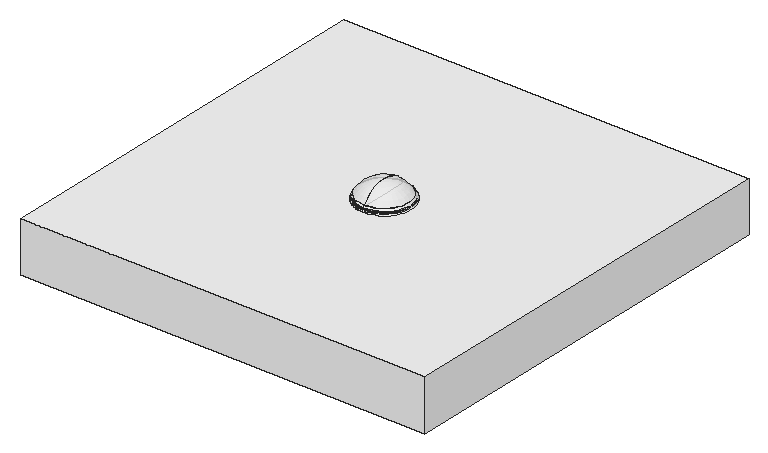
Revit family "Sarlam_Lighting_Bulkhead_Astreo_T1_Diam_330mm_1400_Lm", category Luminaires, Revit 2020
Family settings
  Hôte = Face
  Cote de connecteur circulaire = Utiliser le diamètre
  Type d'élément = Normal
  Couper avec des vides une fois chargée = Non
  Source d'éclairage = Oui
  Partagée = Non
  Point de calcul de pièce = Non
Parameters (values of type "ON/OFF WHITE")
  Zone plafond formes 8à9 [instance] = and(Outer diameter = 328 mm, or(Standard Forme 8), not([Detection area - Wall]), [Detection area - Ceiling])  # no
  Zone murale formes 8à9 [instance] = and(Outer diameter = 328 mm, or(Standard Forme 8), [Detection area - Wall], not([Detection area - Ceiling]))  # no
  With movement sensor = no
  With light sensor = no
  Width = 328 mm
  Voltage type = "AC"
  Type of dimming = "Not dimmable"
  Type of control gear = "LED operating device current-controlled"
  System power W = 15
  Suitable for wall mounting = yes
  Suitable for suspended mounting = no
  Suitable for surface mounting = yes
  Suitable for ceiling mounting = yes
  Suitable for built-in mounting = no
  Radiation angle = "Open beam"
  Protection Class = "II"
  Outer diameter = 328 mm
  Nominal voltage (Un) V MIN = 207
  Nominal voltage (Un) V MAX = 253
  Nominal current mA MIN = 84
  Nominal current mA MAX = 160
  Material housing = Plastique
  Light sharing = "Symmetric"
  Length = 328 mm
  Lamp type = "LED not exchangeable"
  Lamp power at multiwatt = "Other"
  Lamp power W = ""
  Lamp holder = "None"
  Impact strength (IK) = "IK07"
  Height/depth = 107 mm
  General Conditions of Use = "https://export.legrand.com/en/terms-of-use-BIM-objects"
  Effective luminous flux lm = 1400
  Detection area = ""
  URL = "http://www.legrandoc.com/SL532182"
  built-in parameter 1150107 = 3200 (stored number, unit not read)
  Standard Forme 8 = yes
  Wattage = 9.2903 W
  built-in parameter 1150110 = 1 (stored number, unit not read)
  built-in parameter 1150109 = 1 (stored number, unit not read)
  built-in parameter 1114218 = 1 (stored number, unit not read)
  built-in parameter 1150113 = 1 (stored number, unit not read)
  built-in parameter 1150112 = 1 (stored number, unit not read)
  built-in parameter 1150137 = (empty or 0)
  built-in parameter 1150132 = (empty or 0)
  Modèle = "SL-532182"
  built-in parameter 1150105 = 109.82 (stored number, unit not read)
  built-in parameter 1150102 = (empty or 0)
  Dimming Lamp Color Temperature Shift = (empty or 0)
  Lumens = 1380 lm
  Color Filter = 16777215
  Fichier de distribution photométrique = "SL532182.ies"
  built-in parameter 1114217 = 1 (stored number, unit not read)
  built-in parameter 1150139 = (empty or 0)
  Fabricant = "LEGRAND"
  Emettre à partir du diamètre du cercle = 250 mm
  Emit Shape Visible in Rendering = no
  built-in parameter 1150104 = 13.8 (stored number, unit not read)
  built-in parameter 1150106 = 1.0982 (stored number, unit not read)
  built-in parameter 1150115 = 1 (stored number, unit not read)
  built-in parameter 1150114 = 1 (stored number, unit not read)
  Description = "ASTREO 1400LM 4000K  STANDARD ON/OFF WHITE"
  Degree of protection (IP) = "IP44"
  built-in parameter 1150138 = (empty or 0)
  built-in parameter 1150134 = 3
  Colour temperature K MIN = 4000
  Colour temperature K MAX = 4000
  Colour rendering index CRI = "80-89"
  Colour housing = LEGRAND - White
  Built-in width = 328 mm
  Built-in length = 0 mm
  Built-in height/depth = 0 mm
  Built-in diameter = 0 mm
  Tilt Angle = 0.00°
  Detection area - Ceiling [instance] = no
  Detection area - Wall [instance] = no
  Default Elevation = 2500 mm
  Tag [instance] = no
  built-in parameter 1150133 = 10 (stored number, unit not read)
Types (4, lengths in mm): name | With movement sensor | System power W | Detection area | URL | Modèle | Description | Colour housing
  ON/OFF WHITE | no | 15 | "" | "http://www.legrandoc.com/SL532182" | "SL-532182" | "ASTREO 1400LM 4000K  STANDARD ON/OFF WHITE" | LEGRAND - White
  ON/OFF ANTHRACITE | no | 15 | "" | "http://www.legrandoc.com/SL532183" | "SL-532183" | "ASTREO 1400LM 4000K  STANDARD ON/OFF BLACK" | LEGRAND - Anthracite
  With microwave sensor WHITE | yes | 16 | "Detection at 2,5m high Ceiling: Ø 12m max Wall: Ellipse 10*8m" | "http://www.legrandoc.com/SL532187" | "SL-532187" | "ASTREO 1400LM 4000K  STANDARD DETECTION WHITE" | LEGRAND - White
  With microwave sensor ANTHRACITE | yes | 16 | "Detection at 2,5m high Ceiling: Ø 12m max Wall: Ellipse 10*8m" | "http://www.legrandoc.com/SL532188" | "SL-532188" | "ASTREO 1400LM 4000K  STANDARD DETECTION BLACK" | LEGRAND - Anthracite
Reference planes
  plane 1 "Centre (avant/arrière)": y = 0
  plane 2: z = 0
  plane 3 "Centre (gauche/droite)": x = 0
  plane 4: z = 127
Forms (mm)
  Extrusion 1, solid, material "Blanc"
    sketch origin (0, 0, 0) x (1, 0, 0) y (0, 1, 0)
      loop
        line (-1219.2, 1219.2) -> (-1219.2, -1219.2) -> (1219.2, -1219.2) -> (1219.2, 1219.2) -> (-1219.2, 1219.2)
    from 0 to -304.8
Lines and regions (mm)
  model lines, not visible
    curve 1: line (0, 0, 0) -> (0, 0, 2230)
    curve 2: line (0, 0, 0) -> (0, 3300, 0)
    curve 3: line (0, 0, 0) -> (-2620, 0, 0)
Dimensions and locks
  level to plane 4 = 127 mm
  aligned and locked: plane 2 to Extrusion 1
  aligned and locked: level to Extrusion 1
  aligned and locked: imposter light to plane 4
  aligned and locked: plane 3 "Centre (gauche/droite)" to imposter light
Nested families
  nested 1: "Zone de détection murale Chartres-Astreo" at (0, 0, 0) x (0, 0, 1) z (0, -1, 0), visible <- "Detection area - Wall", type "Zone de détection murale"
  nested 2: "Formes 1-2-3-4-6-7-8-9" at (0, 0, 0), type "Formes"
    with Standard Forme 8 yes
  nested 3: "Zone de détection plafond Chartres-Astreo" at (0, 0, 2500), visible <- "Detection area - Ceiling", type "Zone de détection plafond"
    with Zone plafond Formes 8à9 no
  nested 4: "Zone de détection murale Chartres-Astreo" at (0, 0, 0) x (0, 0, 1) z (1, 0, 0), visible <- "Detection area - Wall", type "Zone de détection murale"
  nested 5: "Etiquette de zone" at (0, 424.442, 0), visible <- "Tag", type "Etiquette de zone"
Connectors
  electrical at (0, 0, 0)
    settings: on nested 2, index 1, voltage 230 V, apparent load 0 VA, apparent load phase1 0 VA, apparent load phase2 0 VA, apparent load phase3 0 VA, power factor 1, load classification "Eclairage", number of poles 1, system type 30, power factor state 1, is connector primary yes, connector utility no, sub classification motor no, connector description ""
Definition of nested family "Formes 1-2-3-4-6-7-8-9"
  Parameters (values of type "Formes")
    Standard Forme 8 = no
    Standard Formes 1-3-6 = no
    Matériau hublot = none
    Matériau corps = none
    Fl = if(Diamètre total < 325 mm, 70 mm, if(Diamètre total = 328 mm, 107 mm, 90 mm))  # 107 mm
    Default Elevation = 0 mm
    Dimension hublot = if(Diamètre total = 300 mm, 121.1 mm, if(Diamètre total = 322 mm, 129.3 mm, if(Diamètre total = 328 mm, 148.6 mm, if(Diamètre total = 420 mm, 179.2 mm, 185.3 mm))))  # 148.6 mm
    Diamètre total = 328 mm
    Courbure = if(Diamètre total = 300 mm, 195.7 mm, if(Diamètre total = 322 mm, 220.2 mm, if(Diamètre total = 328 mm, 179.2 mm, if(Diamètre total = 420 mm, 290 mm, 307.8 mm))))  # 179.2 mm
    Couleur corps = none
    Antivandale Forme 9 = no
    Antivandale Formes 2-4-7 = no
  Reference planes
    plane 1 "Centre (avant/arrière)": y = 0
    plane 2: z = 0
    plane 3 "Centre (gauche/droite)": x = 0
    plane 4: y = 164
    plane 5: y = -164
    plane 6: y = 148.6
  Forms (mm)
    Revolve 1, solid, material <- "Matériau hublot"
      sketch origin (0, 0, 0) x (0, 0, -1) y (0, 1, 0)
        loop
          arc (-28, 148.6) -> (-86.03, 84.151) -> (-107, 0) r 179.2
          line (-107, 0) -> (-28, 0) -> (-28, 148.6)
        axis (-28, 0) -> (-107, 0)
      angle from 0 to 360
  Dimensions and locks
    equal spacing: plane 4, plane 1 "Centre (avant/arrière)", plane 5
    "Diamètre total": plane 4 to plane 5
    equal spacing: plane 5, plane 1 "Centre (avant/arrière)", plane 4
    "Dimension hublot": plane 1 "Centre (avant/arrière)" to plane 6
    "Fl": Revolve 1 sketch curve to plane 2
    "Courbure": radius of Revolve 1 sketch curve
    aligned and locked: level to plane 2
    aligned and locked: plane 6 to Revolve 1 sketch curve
    aligned and locked: plane 2 to nested 2
  Automatic sketch dimensions
    Revolve 1 sketch curve to plane 1 "Centre (avant/arrière)" = 0 mm  (x2)
    level to Revolve 1 sketch curve = 28 mm
    Revolve 1 sketch curve to Revolve 1 sketch curve = 1811.469 mm
    Revolve 1 sketch curve to Revolve 1 sketch curve = 1147.22 mm
  Nested families
    nested 1: "Corps standard Formes 1-3-6" at (0, 0, 0), visible <- "Standard Formes 1-3-6", type "Corps standard Formes 1-3-6"
      with Diamètre 328 mm
    nested 2: "Corps antivandale Formes 2-4-7" at (0, 0, 0), visible <- "Antivandale Formes 2-4-7", type "Corps antivandale Formes 2-4-7"
      with Diamètre 328 mm
    nested 3: "Corps standard Forme 8" at (0, 0, 0), visible <- "Standard Forme 8", type "Corps standard Forme 8"
    nested 4: "Corps antivandale Forme 9" at (0, 0, 0), visible <- "Antivandale Forme 9", type "Corps antivandale Forme 9"
  Definition of nested family "Corps standard Formes 1-3-6"
    Parameters (values of type "Corps standard")
      Matériau corps = none
      Default Elevation = 0 mm
      Couleur corps = none
      Diamètre = 322 mm
      Courbure = if(Diamètre < 400 mm, 195.7 mm, 290 mm)  # 195.7 mm
    Reference planes
      plane 1 "Centre (avant/arrière)": y = 0
      plane 2: z = 0
      plane 3 "Centre (gauche/droite)": x = 0
      plane 4: y = 161
      plane 5: y = -161
      plane 6: z = 28
    Forms (mm)
      Revolve 1, solid, material <- "Couleur corps"
        sketch origin (0, 0, 0) x (0, 0, -1) y (0, 1, 0)
          loop
            line (0, 0) -> (0, 161)
            arc (0, 161) -> (-14.55, 149.906) -> (-28, 137.502) r 195.7
            line (-28, 137.502) -> (-28, 0) -> (0, 0)
          axis (0, 0) -> (-28, 0)
        angle from 0 to 360
    Dimensions and locks
      equal spacing: plane 4, plane 1 "Centre (avant/arrière)", plane 5
      "Diamètre": plane 4 to plane 5
      equal spacing: plane 5, plane 1 "Centre (avant/arrière)", plane 4
      "Courbure": radius of Revolve 1 sketch curve
      aligned and locked: level to plane 2
      aligned and locked: plane 2 to Revolve 1  (x2)
      aligned and locked: Revolve 1 to plane 2
      aligned and locked: plane 6 to Revolve 1
    Automatic sketch dimensions
      Revolve 1 sketch curve to plane 1 "Centre (avant/arrière)" = 0 mm  (x3)
      Revolve 1 sketch curve to plane 6 = 0 mm
      Revolve 1 sketch curve to level = 0 mm
      Revolve 1 sketch curve to plane 4 = 0 mm
      plane 6 to Revolve 1 sketch curve = 1833.51 mm
      Revolve 1 sketch curve to Revolve 1 sketch curve = 1167.217 mm
  Definition of nested family "Corps antivandale Formes 2-4-7"
    Parameters (values of type "Corps antivandale")
      Rayon réseau vis = if(Diamètre < 400 mm, 137.2 mm, 193.2 mm)  # 137.2 mm
      Matériau corps = none
      Default Elevation = 0 mm
      Diamètre = 322 mm
      Courbure = if(Diamètre < 400 mm, 220.2 mm, 307.8 mm)  # 220.2 mm
      Couleur corps = none
    Reference planes
      plane 1 "Centre (avant/arrière)": y = 0
      plane 2: z = 0
      plane 3 "Centre (gauche/droite)": x = 0
      plane 4: y = 161
      plane 5: y = -161
      plane 6: z = 28
      plane 7: through (0, 0, 1200) normal (0.5, 0.866, 0)
      plane 8: through (0, 0, 1200) normal (0.5, -0.866, 0)
    Forms (mm)
      Revolve 1, solid, material <- "Couleur corps"
        sketch origin (0, 0, 0) x (0, 0, -1) y (0, 1, 0)
          loop
            line (0, 0) -> (0, 161)
            arc (0, 161) -> (-14.762, 145.835) -> (-28, 129.323) r 220.2
            line (-28, 129.323) -> (-28, 0) -> (0, 0)
          axis (0, 0) -> (-28, 0)
        angle from 0 to 360
      Extrusion 2, solid, material <- "Couleur corps"
        sketch origin (0, -0.04, 0) x (1, 0, 0) y (0, 1, 0)
          loop
            line (-4, 129.32) -> (-4, 137.3)
            arc (-4, 137.3) -> (0, 141.3) -> (4, 137.3) r 4
            line (4, 137.3) -> (4, 129.32)
            arc (4, 129.32) -> (5, 129.285) -> (6, 129.243) r 129.323
            line (6, 129.243) -> (6, 137.3)
            arc (6, 137.3) -> (0, 143.3) -> (-6, 137.3) r 6
            line (-6, 137.3) -> (-6, 129.243)
            arc (-6, 129.243) -> (-5, 129.285) -> (-4, 129.32) r 129.323
        from 15.189 to 28
      Extrusion 3, solid, material <- "Couleur corps"
        sketch origin (-0.035, 0.02, 0) x (-0.5, -0.866025, 0) y (0.866025, -0.5, 0)
          loop
            line (-4, 129.32) -> (-4, 137.3)
            arc (-4, 137.3) -> (0, 141.3) -> (4, 137.3) r 4
            line (4, 137.3) -> (4, 129.32)
            arc (4, 129.32) -> (5, 129.285) -> (6, 129.243) r 129.323
            line (6, 129.243) -> (6, 137.3)
            arc (6, 137.3) -> (0, 143.3) -> (-6, 137.3) r 6
            line (-6, 137.3) -> (-6, 129.243)
            arc (-6, 129.243) -> (-5, 129.285) -> (-4, 129.32) r 129.323
        from 15.189 to 28
      Extrusion 4, solid, material <- "Couleur corps"
        sketch origin (0.035, 0.02, 0) x (-0.5, 0.866025, 0) y (-0.866025, -0.5, 0)
          loop
            line (-4, 129.32) -> (-4, 137.3)
            arc (-4, 137.3) -> (0, 141.3) -> (4, 137.3) r 4
            line (4, 137.3) -> (4, 129.32)
            arc (4, 129.32) -> (5, 129.285) -> (6, 129.243) r 129.323
            line (6, 129.243) -> (6, 137.3)
            arc (6, 137.3) -> (0, 143.3) -> (-6, 137.3) r 6
            line (-6, 137.3) -> (-6, 129.243)
            arc (-6, 129.243) -> (-5, 129.285) -> (-4, 129.32) r 129.323
        from 15.189 to 28
      Revolve 5, solid
        sketch origin (0, 0.018, -12.656) x (0, 1, 0) y (0, 0, 1)
          loop
            line (136.525, 38.942) -> (136.525, 29.094) -> (136.962, 29.907) -> (137.751, 35.518) -> (140.148, 38.942) -> (136.525, 38.942)
          axis (136.525, 29.094) -> (136.525, 38.942)
        angle from 0 to 360
      Revolve 6, solid
        sketch origin (0.016, -0.009, -12.656) x (0.866025, -0.5, 0) y (0, 0, 1)
          loop
            line (136.525, 38.942) -> (136.525, 29.094) -> (136.962, 29.907) -> (137.751, 35.518) -> (140.148, 38.942) -> (136.525, 38.942)
          axis (136.525, 29.094) -> (136.525, 38.942)
        angle from 0 to 360
      Revolve 7, solid
        sketch origin (-0.016, -0.009, -12.656) x (-0.866025, -0.5, 0) y (0, 0, 1)
          loop
            line (136.525, 38.942) -> (136.525, 29.094) -> (136.962, 29.907) -> (137.751, 35.518) -> (140.148, 38.942) -> (136.525, 38.942)
          axis (136.525, 29.094) -> (136.525, 38.942)
        angle from 0 to 360
    Cuts and joins
      joined: Revolve 1, Extrusion 2
    Lines and regions (mm)
      model lines
        curve 1: line (-2.5, 136.543, 26.285) -> (2.5, 136.543, 26.285)
        curve 2: line (0, 138.995, 26.285) -> (0, 133.995, 26.285)
        curve 3: line (119.5, -66.107, 26.285) -> (117, -70.437, 26.285)
        curve 4: line (120.373, -69.497, 26.285) -> (116.043, -66.997, 26.285)
        curve 5: line (-117, -70.437, 26.285) -> (-119.5, -66.107, 26.285)
        curve 6: line (-120.373, -69.497, 26.285) -> (-116.043, -66.997, 26.285)
    Dimensions and locks
      equal spacing: plane 4, plane 1 "Centre (avant/arrière)", plane 5
      "Diamètre": plane 4 to plane 5
      equal spacing: plane 5, plane 1 "Centre (avant/arrière)", plane 4
      "Courbure": radius of Revolve 1 sketch curve
      "Rayon réseau vis": radius of radial array
      aligned and locked: level to plane 2
      aligned and locked: plane 2 to Revolve 1  (x2)
      aligned and locked: Revolve 1 to plane 2
      aligned and locked: plane 6 to Revolve 1
    Automatic sketch dimensions
      Extrusion 2 sketch curve to Extrusion 2 sketch curve = 0 mm  (x9)
      Extrusion 2 sketch curve to Extrusion 2 sketch curve = 7.98 mm
      Extrusion 2 sketch curve to Extrusion 2 sketch curve = 0.077 mm
      Extrusion 2 sketch curve to Extrusion 2 sketch curve = 2 mm
      Extrusion 2 sketch curve to Extrusion 2 sketch curve = 4 mm
      Extrusion 2 sketch curve to Extrusion 2 sketch curve = 6 mm
      Extrusion 3 sketch curve to Extrusion 3 sketch curve = 0 mm  (x9)
      Extrusion 3 sketch curve to Extrusion 3 sketch curve = 7.98 mm
      Extrusion 3 sketch curve to Extrusion 3 sketch curve = 0.077 mm
      Extrusion 3 sketch curve to Extrusion 3 sketch curve = 2 mm
      Extrusion 3 sketch curve to Extrusion 3 sketch curve = 4 mm
      Extrusion 3 sketch curve to Extrusion 3 sketch curve = 6 mm
      Extrusion 4 sketch curve to Extrusion 4 sketch curve = 0 mm  (x9)
      Extrusion 4 sketch curve to Extrusion 4 sketch curve = 7.98 mm
      Extrusion 4 sketch curve to Extrusion 4 sketch curve = 0.077 mm
      Extrusion 4 sketch curve to Extrusion 4 sketch curve = 2 mm
      Extrusion 4 sketch curve to Extrusion 4 sketch curve = 4 mm
      Extrusion 4 sketch curve to Extrusion 4 sketch curve = 6 mm
      Revolve 7 sketch curve to Revolve 7 sketch curve = 0.437 mm  (x2)
      Revolve 7 sketch curve to Revolve 7 sketch curve = 1.226 mm  (x2)
      Revolve 7 sketch curve to Revolve 7 sketch curve = 2.397 mm
      Revolve 7 sketch curve to Revolve 7 sketch curve = 0.813 mm  (x2)
      Revolve 7 sketch curve to Revolve 7 sketch curve = 5.611 mm  (x2)
      Revolve 7 sketch curve to Revolve 7 sketch curve = 3.424 mm  (x2)
      Revolve 7 sketch curve to Revolve 7 sketch curve = 0 mm  (x2)
      Revolve 7 sketch curve to Revolve 7 sketch curve = 0.975 mm
      Revolve 7 sketch curve to Revolve 7 sketch curve = 3.281 mm  (x2)
      Revolve 5 sketch curve to Revolve 5 sketch curve = 0.437 mm  (x2)
      Revolve 5 sketch curve to Revolve 5 sketch curve = 1.226 mm  (x2)
      Revolve 5 sketch curve to Revolve 5 sketch curve = 3.623 mm
      Revolve 5 sketch curve to Revolve 5 sketch curve = 5.611 mm  (x2)
      Revolve 5 sketch curve to Revolve 5 sketch curve = 3.424 mm  (x2)
      Revolve 5 sketch curve to Revolve 5 sketch curve = 0 mm  (x2)
      Revolve 5 sketch curve to Revolve 5 sketch curve = 0.813 mm  (x2)
      Revolve 5 sketch curve to Revolve 5 sketch curve = 0.162 mm
      Revolve 5 sketch curve to Revolve 5 sketch curve = 3.281 mm  (x2)
      Revolve 6 sketch curve to Revolve 6 sketch curve = 0.437 mm  (x2)
      Revolve 6 sketch curve to Revolve 6 sketch curve = 1.226 mm  (x2)
      Revolve 6 sketch curve to Revolve 6 sketch curve = 3.623 mm
      Revolve 6 sketch curve to Revolve 6 sketch curve = 5.611 mm  (x2)
      Revolve 6 sketch curve to Revolve 6 sketch curve = 3.424 mm  (x2)
      Revolve 6 sketch curve to Revolve 6 sketch curve = 0 mm  (x2)
      Revolve 6 sketch curve to Revolve 6 sketch curve = 0.813 mm  (x2)
      Revolve 6 sketch curve to Revolve 6 sketch curve = 0.162 mm
      Revolve 6 sketch curve to Revolve 6 sketch curve = 3.281 mm  (x2)
      Revolve 7 sketch curve to Revolve 7 sketch curve = 3.623 mm
      Revolve 7 sketch curve to Revolve 7 sketch curve = 0.162 mm
      curve 2 to Revolve 5 = 0 mm
      curve 2 to curve 1 = 2.548 mm
      curve 1 to curve 2 = 2.452 mm
      Revolve 5 to curve 1 = 2.5 mm
      curve 1 to Revolve 5 = 2.5 mm
      curve 4 to Revolve 6 = 0 mm
      curve 4 to curve 3 = 2.548 mm
      curve 3 to curve 4 = 2.452 mm
      Revolve 6 to curve 3 = 2.5 mm
      curve 3 to Revolve 6 = 2.5 mm
      curve 6 to Revolve 7 = 0 mm
      curve 6 to curve 5 = 2.548 mm
      curve 5 to curve 6 = 2.452 mm
      Revolve 7 to curve 5 = 2.5 mm
      curve 5 to Revolve 7 = 2.5 mm
      Revolve 5 sketch curve to Revolve 5 sketch curve = 2.397 mm
      Revolve 5 sketch curve to Revolve 5 sketch curve = 0.975 mm
      Revolve 6 sketch curve to Revolve 6 sketch curve = 2.397 mm
      Revolve 6 sketch curve to Revolve 6 sketch curve = 0.975 mm
      Revolve 1 sketch curve to plane 1 "Centre (avant/arrière)" = 0 mm  (x3)
      Revolve 1 sketch curve to plane 6 = 0 mm
      Revolve 1 sketch curve to level = 0 mm
      Revolve 1 sketch curve to plane 4 = 0 mm
      plane 6 to Revolve 1 sketch curve = 1833.51 mm
      Revolve 1 sketch curve to Revolve 1 sketch curve = 1128.321 mm
  Definition of nested family "Corps standard Forme 8"
    Parameters (values of type "Corps standard Forme 8")
      Matériau corps = none
      Default Elevation = 0 mm
      Couleur corps = none
      Diamètre = 328 mm
    Reference planes
      plane 1 "Centre (avant/arrière)": y = 0
      plane 2: z = 0
      plane 3 "Centre (gauche/droite)": x = 0
      plane 4: y = 164
      plane 5: y = -164
      plane 6: z = 28
      plane 7: y = 7.5
      plane 8: y = -7.5
    Forms (mm)
      Revolve 1, solid, material <- "Couleur corps"
        sketch origin (0, 0, 0) x (0, 0, -1) y (0, 1, 0)
          loop
            line (0, 0) -> (0, 164)
            arc (0, 164) -> (-14.345, 156.905) -> (-28, 148.559) r 179.182
            line (-28, 148.559) -> (-28, 0) -> (0, 0)
          axis (0, 0) -> (-28, 0)
        angle from 0 to 360
      Sweep 2, void
        path origin (0, 0, 0) x (1, 0, 0) y (0, 1, 0)
          loop
            arc (153.049, 7.5) -> (0, 153.232) -> (-153.049, 7.5) r 153.232
        profile origin (0, 153.232, 0) x (0, -1, 0) y (0, 0, 1)
          loop
            line (-5.469, 6.213) -> (-10.469, 16.465) -> (-10.469, 6.213) -> (-5.469, 6.213)
      Sweep 3, void
        path origin (0, 0, 0) x (1, 0, 0) y (0, 1, 0)
          loop
            arc (153.049, 7.5) -> (0, 153.232) -> (-153.049, 7.5) r 153.232
        profile origin (0, 153.232, 0) x (0, -1, 0) y (0, 0, 1)
          loop
            line (-1.643, 13.471) -> (-6.643, 23.723) -> (-6.643, 13.471) -> (-1.643, 13.471)
      Sweep 4, void
        path origin (0, 0, 0) x (1, 0, 0) y (0, -1, 0)
          loop
            arc (153.049, 7.5) -> (0, 153.232) -> (-153.049, 7.5) r 153.232
        profile origin (0, -153.232, 0) x (0, -1, 0) y (0, 0, 1)
          loop
            line (1.643, 13.471) -> (6.643, 13.471) -> (6.643, 23.723) -> (1.643, 13.471)
      Sweep 5, void
        path origin (0, 0, 0) x (1, 0, 0) y (0, -1, 0)
          loop
            arc (153.049, 7.5) -> (0, 153.232) -> (-153.049, 7.5) r 153.232
        profile origin (0, -153.232, 0) x (0, -1, 0) y (0, 0, 1)
          loop
            line (5.469, 6.213) -> (10.469, 6.213) -> (10.469, 16.465) -> (5.469, 6.213)
    Cuts and joins
      Sweep 2, Sweep 3, Sweep 4, Sweep 5 cuts Revolve 1
    Dimensions and locks
      equal spacing: plane 4, plane 1 "Centre (avant/arrière)", plane 5
      "Diamètre": plane 4 to plane 5
      equal spacing: plane 5, plane 1 "Centre (avant/arrière)", plane 4
      aligned and locked: level to plane 2
      aligned and locked: plane 2 to Revolve 1  (x2)
      aligned and locked: Revolve 1 to plane 2
      aligned and locked: plane 6 to Revolve 1
    Automatic sketch dimensions
      Sweep 2 sketch curve to plane 7 = 0 mm  (x2)
      plane 1 "Centre (avant/arrière)" to Sweep 2 sketch curve = 0 mm
      Sweep 2 sketch curve to plane 3 "Centre (gauche/droite)" = 0 mm
      Sweep 2 sketch curve to plane 3 "Centre (gauche/droite)" = 153.049 mm
      Sweep 3 sketch curve to plane 7 = 0 mm  (x2)
      plane 1 "Centre (avant/arrière)" to Sweep 3 sketch curve = 0 mm
      Sweep 3 sketch curve to plane 3 "Centre (gauche/droite)" = 0 mm
      Sweep 3 sketch curve to plane 3 "Centre (gauche/droite)" = 153.049 mm
      Sweep 4 sketch curve to plane 8 = 0 mm  (x2)
      plane 1 "Centre (avant/arrière)" to Sweep 4 sketch curve = 0 mm
      Sweep 4 sketch curve to plane 3 "Centre (gauche/droite)" = 0 mm
      plane 3 "Centre (gauche/droite)" to Sweep 4 sketch curve = 153.049 mm
      Sweep 5 sketch curve to plane 8 = 0 mm  (x2)
      plane 1 "Centre (avant/arrière)" to Sweep 5 sketch curve = 0 mm
      Sweep 5 sketch curve to plane 3 "Centre (gauche/droite)" = 0 mm
      plane 3 "Centre (gauche/droite)" to Sweep 5 sketch curve = 153.049 mm
      Revolve 1 sketch curve to plane 1 "Centre (avant/arrière)" = 0 mm  (x3)
      Revolve 1 sketch curve to plane 6 = 0 mm
      Revolve 1 sketch curve to level = 0 mm
      Revolve 1 sketch curve to plane 4 = 0 mm
      Revolve 1 sketch curve to Revolve 1 sketch curve = 72.182 mm
      plane 6 to Revolve 1 sketch curve = 1833.51 mm
      Revolve 1 sketch curve to Revolve 1 sketch curve = 1201.817 mm
      profile plane to Sweep 2 sketch curve = 10.469 mm
      Sweep 2 sketch curve to Sweep 2 sketch curve = 5 mm
      level to Sweep 2 sketch curve = 6.213 mm
      Sweep 2 sketch curve to Sweep 2 sketch curve = 10.252 mm
      profile plane to Sweep 3 sketch curve = 6.643 mm
      profile plane to Sweep 3 sketch curve = 1.643 mm
      level to Sweep 3 sketch curve = 13.471 mm
      Sweep 3 sketch curve to Sweep 3 sketch curve = 10.252 mm
      Sweep 4 sketch curve to profile plane = 1.643 mm
      Sweep 4 sketch curve to profile plane = 6.643 mm
      level to Sweep 4 sketch curve = 13.471 mm
      Sweep 4 sketch curve to Sweep 4 sketch curve = 10.252 mm
      Sweep 5 sketch curve to profile plane = 5.469 mm
      Sweep 5 sketch curve to profile plane = 10.469 mm
      level to Sweep 5 sketch curve = 6.213 mm
      Sweep 5 sketch curve to Sweep 5 sketch curve = 10.252 mm
  Definition of nested family "Corps antivandale Forme 9"
    Parameters (values of type "Corps antivandale Forme 9")
      Matériau corps = none
      Default Elevation = 0 mm
      Couleur corps = none
      Diamètre = 328 mm
    Reference planes
      plane 1 "Centre (avant/arrière)": y = 0
      plane 2: z = 0
      plane 3 "Centre (gauche/droite)": x = 0
      plane 4: y = 164
      plane 5: y = -164
      plane 6: z = 28
      plane 7: y = 7.5
      plane 8: y = -7.5
    Forms (mm)
      Revolve 1, solid, material <- "Couleur corps"
        sketch origin (0, 0, 0) x (0, 0, -1) y (0, 1, 0)
          loop
            line (0, 0) -> (0, 164)
            arc (0, 164) -> (-14.345, 156.905) -> (-28, 148.559) r 179.182
            line (-28, 148.559) -> (-28, 0) -> (0, 0)
          axis (0, 0) -> (-28, 0)
        angle from 0 to 360
      Extrusion 2, void
        sketch origin (-1.406, 0, 0) x (1, 0, 0) y (0, 1, 0)
          loop
            circle (157.486, 0) r 5
        from 5.665 to 28
      Sweep 3, void
        path origin (0, 0, 0) x (1, 0, 0) y (0, 1, 0)
          loop
            arc (153.049, 7.5) -> (0, 153.232) -> (-153.049, 7.5) r 153.232
        profile origin (0, 153.232, 0) x (0, -1, 0) y (0, 0, 1)
          loop
            line (-5.469, 6.213) -> (-10.469, 16.465) -> (-10.469, 6.213) -> (-5.469, 6.213)
      Extrusion 4, void
        sketch origin (1.406, 0, 0) x (-1, 0, 0) y (0, -1, 0)
          loop
            circle (157.486, 0) r 5
        from 5.665 to 28
      Sweep 5, void
        path origin (0, 0, 0) x (1, 0, 0) y (0, 1, 0)
          loop
            arc (153.049, 7.5) -> (0, 153.232) -> (-153.049, 7.5) r 153.232
        profile origin (0, 153.232, 0) x (0, -1, 0) y (0, 0, 1)
          loop
            line (-1.643, 13.471) -> (-6.643, 23.723) -> (-6.643, 13.471) -> (-1.643, 13.471)
      Sweep 6, void
        path origin (0, 0, 0) x (1, 0, 0) y (0, -1, 0)
          loop
            arc (153.049, 7.5) -> (0, 153.232) -> (-153.049, 7.5) r 153.232
        profile origin (0, -153.232, 0) x (0, -1, 0) y (0, 0, 1)
          loop
            line (1.643, 13.471) -> (6.643, 13.471) -> (6.643, 23.723) -> (1.643, 13.471)
      Sweep 7, void
        path origin (0, 0, 0) x (1, 0, 0) y (0, -1, 0)
          loop
            arc (153.049, 7.5) -> (0, 153.232) -> (-153.049, 7.5) r 153.232
        profile origin (0, -153.232, 0) x (0, -1, 0) y (0, 0, 1)
          loop
            line (5.469, 6.213) -> (10.469, 6.213) -> (10.469, 16.465) -> (5.469, 6.213)
      Revolve 8, solid
        sketch origin (-156.149, -136.533, -30.469) x (0, 1, 0) y (0, 0, 1)
          loop
            line (136.525, 38.942) -> (136.525, 31.651) -> (137.319, 32.445) -> (137.923, 36.741) -> (139.106, 38.942) -> (136.525, 38.942)
          axis (136.525, 31.651) -> (136.525, 38.942)
        angle from 0 to 360
      Revolve 9, solid
        sketch origin (156.149, -136.533, -30.469) x (0, 1, 0) y (0, 0, -1)
          loop
            line (136.525, -38.942) -> (139.106, -38.942) -> (137.923, -36.741) -> (137.319, -32.445) -> (136.525, -31.651) -> (136.525, -38.942)
          axis (136.525, -31.651) -> (136.525, -38.942)
        angle from 0 to 360
    Cuts and joins
      Extrusion 2, Sweep 3, Extrusion 4, Sweep 5, Sweep 6, Sweep 7 cuts Revolve 1
    Lines and regions (mm)
      model lines
        curve 1: line (-156.149, 1.39, 8.473) -> (-156.149, -1.406, 8.473)
        curve 2: line (-157.503, 0, 8.473) -> (-154.615, 0, 8.473)
        curve 3: line (156.149, 1.39, 8.473) -> (156.149, -1.406, 8.473)
        curve 4: line (157.503, 0, 8.473) -> (154.615, 0, 8.473)
    Dimensions and locks
      equal spacing: plane 4, plane 1 "Centre (avant/arrière)", plane 5
      "Diamètre": plane 4 to plane 5
      equal spacing: plane 5, plane 1 "Centre (avant/arrière)", plane 4
      aligned and locked: level to plane 2
      aligned and locked: plane 2 to Revolve 1  (x2)
      aligned and locked: Revolve 1 to plane 2
      aligned and locked: plane 6 to Revolve 1
    Automatic sketch dimensions
      plane 1 "Centre (avant/arrière)" to Extrusion 2 sketch curve = 0 mm
      plane 3 "Centre (gauche/droite)" to Extrusion 2 sketch curve = 156.08 mm
      Sweep 3 sketch curve to plane 7 = 0 mm  (x2)
      plane 1 "Centre (avant/arrière)" to Sweep 3 sketch curve = 0 mm
      Sweep 3 sketch curve to plane 3 "Centre (gauche/droite)" = 0 mm
      Sweep 3 sketch curve to plane 3 "Centre (gauche/droite)" = 153.049 mm
      plane 1 "Centre (avant/arrière)" to Extrusion 4 sketch curve = 0 mm
      plane 3 "Centre (gauche/droite)" to Extrusion 4 sketch curve = 156.08 mm
      Sweep 5 sketch curve to plane 7 = 0 mm  (x2)
      plane 1 "Centre (avant/arrière)" to Sweep 5 sketch curve = 0 mm
      Sweep 5 sketch curve to plane 3 "Centre (gauche/droite)" = 0 mm
      Sweep 5 sketch curve to plane 3 "Centre (gauche/droite)" = 153.049 mm
      Sweep 6 sketch curve to plane 8 = 0 mm  (x2)
      plane 1 "Centre (avant/arrière)" to Sweep 6 sketch curve = 0 mm
      Sweep 6 sketch curve to plane 3 "Centre (gauche/droite)" = 0 mm
      plane 3 "Centre (gauche/droite)" to Sweep 6 sketch curve = 153.049 mm
      Sweep 7 sketch curve to plane 8 = 0 mm  (x2)
      plane 1 "Centre (avant/arrière)" to Sweep 7 sketch curve = 0 mm
      Sweep 7 sketch curve to plane 3 "Centre (gauche/droite)" = 0 mm
      plane 3 "Centre (gauche/droite)" to Sweep 7 sketch curve = 153.049 mm
      Revolve 1 sketch curve to plane 1 "Centre (avant/arrière)" = 0 mm  (x3)
      Revolve 1 sketch curve to plane 6 = 0 mm
      Revolve 1 sketch curve to level = 0 mm
      Revolve 1 sketch curve to plane 4 = 0 mm
      Revolve 1 sketch curve to Revolve 1 sketch curve = 72.182 mm
      plane 6 to Revolve 1 sketch curve = 1833.51 mm
      Revolve 1 sketch curve to Revolve 1 sketch curve = 1201.817 mm
      profile plane to Sweep 3 sketch curve = 10.469 mm
      Sweep 3 sketch curve to Sweep 3 sketch curve = 5 mm
      level to Sweep 3 sketch curve = 6.213 mm
      Sweep 3 sketch curve to Sweep 3 sketch curve = 10.252 mm
      profile plane to Sweep 5 sketch curve = 6.643 mm
      profile plane to Sweep 5 sketch curve = 1.643 mm
      level to Sweep 5 sketch curve = 13.471 mm
      Sweep 5 sketch curve to Sweep 5 sketch curve = 10.252 mm
      Sweep 6 sketch curve to profile plane = 1.643 mm
      Sweep 6 sketch curve to profile plane = 6.643 mm
      level to Sweep 6 sketch curve = 13.471 mm
      Sweep 6 sketch curve to Sweep 6 sketch curve = 10.252 mm
      Sweep 7 sketch curve to profile plane = 5.469 mm
      Sweep 7 sketch curve to profile plane = 10.469 mm
      level to Sweep 7 sketch curve = 6.213 mm
      Sweep 7 sketch curve to Sweep 7 sketch curve = 10.252 mm
      plane 1 "Centre (avant/arrière)" to Revolve 8 sketch curve = 0.008 mm  (x2)
      Revolve 8 sketch curve to plane 1 "Centre (avant/arrière)" = 0.786 mm
      Revolve 8 sketch curve to plane 1 "Centre (avant/arrière)" = 1.39 mm
      Revolve 8 sketch curve to Revolve 8 sketch curve = 1.183 mm
      level to Revolve 8 sketch curve = 1.183 mm
      Revolve 8 sketch curve to Revolve 8 sketch curve = 0.794 mm
      Revolve 8 sketch curve to Revolve 8 sketch curve = 4.296 mm
      Revolve 8 sketch curve to Revolve 8 sketch curve = 2.201 mm
      Revolve 8 sketch curve to level = 0.4 mm
      Revolve 8 sketch curve to Revolve 8 sketch curve = 3.281 mm
      plane 1 "Centre (avant/arrière)" to Revolve 9 sketch curve = 0.008 mm  (x2)
      Revolve 9 sketch curve to plane 1 "Centre (avant/arrière)" = 0.786 mm
      Revolve 9 sketch curve to plane 1 "Centre (avant/arrière)" = 1.39 mm
      Revolve 9 sketch curve to Revolve 9 sketch curve = 1.183 mm
      level to Revolve 9 sketch curve = 8.473 mm
      Revolve 9 sketch curve to Revolve 9 sketch curve = 2.201 mm
      level to Revolve 9 sketch curve = 1.977 mm
      Revolve 9 sketch curve to Revolve 9 sketch curve = 0.794 mm
      Revolve 9 sketch curve to Revolve 9 sketch curve = 3.281 mm
      Revolve 9 sketch curve to level = 0.4 mm
      curve 1 to Revolve 8 = 0 mm
      curve 1 to curve 3 = 0 mm
      curve 1 to curve 2 = 1.406 mm
      curve 3 to curve 4 = 1.406 mm
      curve 4 to curve 3 = 1.39 mm
      curve 2 to curve 1 = 1.39 mm
      Revolve 8 to curve 2 = 1.534 mm
      curve 4 to curve 2 = 309.23 mm
      curve 3 to curve 4 = 1.534 mm
      curve 4 to curve 3 = 1.354 mm
      curve 2 to Revolve 8 = 1.354 mm
      radius of Extrusion 2 sketch curve = 5 mm
      radius of Extrusion 4 sketch curve = 5 mm
Definition of nested family "Zone de détection murale Chartres-Astreo"
  Parameters (values of type "Zone de détection murale")
    Zone murale Formes 8à9 = no
    Zone murale Formes 1à7 = no
  Reference planes
    plane 1 "Centre (avant/arrière)": y = 0
    plane 2: z = 0
    plane 3 "Centre (gauche/droite)": x = 0
    plane 4: x = 3500
    plane 5: y = 1000
    plane 6: x = 10000
    plane 7: y = 3500
    plane 8: x = 13000
    plane 9: y = 4000
    plane 10: x = 17000
    plane 11: y = 8000
    plane 12: x = 6000
    plane 13: x = 8000
  Lines and regions (mm)
    detail lines, in view "Niveau de réf.", visible <- "Zone murale Formes 1à7"
      curve 1: spline (0, 0, 0) -> (59.63, 258.819, 0) -> (234.456, 500, 0) -> (512.563, 707.107, 0) -> (875, 866.025, 0) -> (1297.067, 965.926, 0) -> (1750, 1000, 0) -> (2202.933, 965.926, 0) -> (2625, 866.025, 0) -> (2987.437, 707.107, 0) -> (3265.544, 500, 0) -> (3440.37, 258.819, 0) -> (3500, 0, 0) -> (3440.37, -258.819, 0) -> (3265.544, -500, 0) -> (2987.437, -707.107, 0) -> (2625, -866.025, 0) -> (2202.933, -965.926, 0) -> (1750, -1000, 0) -> (1297.067, -965.926, 0) -> (875, -866.025, 0) -> (512.563, -707.107, 0) -> (234.456, -500, 0) -> (59.63, -258.819, 0) -> (0, 0, 0)
      curve 2: spline (0, 0, 0) -> (170.371, 905.867, 0) -> (669.873, 1750, 0) -> (1464.466, 2474.874, 0) -> (2500, 3031.089, 0) -> (3705.905, 3380.74, 0) -> (5000, 3500, 0) -> (6294.095, 3380.74, 0) -> (7500, 3031.089, 0) -> (8535.534, 2474.874, 0) -> (9330.127, 1750, 0) -> (9829.629, 905.867, 0) -> (10000, 0, 0) -> (9829.629, -905.867, 0) -> (9330.127, -1750, 0) -> (8535.534, -2474.874, 0) -> (7500, -3031.089, 0) -> (6294.095, -3380.74, 0) -> (5000, -3500, 0) -> (3705.905, -3380.74, 0) -> (2500, -3031.089, 0) -> (1464.466, -2474.874, 0) -> (669.873, -1750, 0) -> (170.371, -905.867, 0) -> (0, 0, 0)
      curve 3: spline (0, 0, 0) -> (221.482, 1035.276, 0) -> (870.835, 2000, 0) -> (1903.806, 2828.427, 0) -> (3250, 3464.102, 0) -> (4817.676, 3863.703, 0) -> (6500, 4000, 0) -> (8182.324, 3863.703, 0) -> (9750, 3464.102, 0) -> (11096.194, 2828.427, 0) -> (12129.165, 2000, 0) -> (12778.518, 1035.276, 0) -> (13000, 0, 0) -> (12778.518, -1035.276, 0) -> (12129.165, -2000, 0) -> (11096.194, -2828.427, 0) -> (9750, -3464.102, 0) -> (8182.324, -3863.703, 0) -> (6500, -4000, 0) -> (4817.676, -3863.703, 0) -> (3250, -3464.102, 0) -> (1903.806, -2828.427, 0) -> (870.835, -2000, 0) -> (221.482, -1035.276, 0) -> (0, 0, 0)
      curve 4: spline (0, 0, 0) -> (289.63, 2070.552, 0) -> (1138.784, 4000, 0) -> (2489.592, 5656.854, 0) -> (4250, 6928.203, 0) -> (6300.038, 7727.407, 0) -> (8500, 8000, 0) -> (10699.962, 7727.407, 0) -> (12750, 6928.203, 0) -> (14510.408, 5656.854, 0) -> (15861.216, 4000, 0) -> (16710.37, 2070.552, 0) -> (17000, 0, 0) -> (16710.37, -2070.552, 0) -> (15861.216, -4000, 0) -> (14510.408, -5656.854, 0) -> (12750, -6928.203, 0) -> (10699.962, -7727.407, 0) -> (8500, -8000, 0) -> (6300.038, -7727.407, 0) -> (4250, -6928.203, 0) -> (2489.592, -5656.854, 0) -> (1138.784, -4000, 0) -> (289.63, -2070.552, 0) -> (0, 0, 0)
    detail lines, in view "Niveau de réf.", visible <- "Zone murale Formes 8à9"
      curve 5: spline (0, 0, 0) -> (102.223, 258.819, 0) -> (401.924, 500, 0) -> (878.68, 707.107, 0) -> (1500, 866.025, 0) -> (2223.543, 965.926, 0) -> (3000, 1000, 0) -> (3776.457, 965.926, 0) -> (4500, 866.025, 0) -> (5121.32, 707.107, 0) -> (5598.076, 500, 0) -> (5897.777, 258.819, 0) -> (6000, 0, 0) -> (5897.777, -258.819, 0) -> (5598.076, -500, 0) -> (5121.32, -707.107, 0) -> (4500, -866.025, 0) -> (3776.457, -965.926, 0) -> (3000, -1000, 0) -> (2223.543, -965.926, 0) -> (1500, -866.025, 0) -> (878.68, -707.107, 0) -> (401.924, -500, 0) -> (102.223, -258.819, 0) -> (0, 0, 0)
      curve 6: spline (0, 0, 0) -> (136.297, 647.048, 0) -> (535.898, 1250, 0) -> (1171.573, 1767.767, 0) -> (2000, 2165.064, 0) -> (2964.724, 2414.815, 0) -> (4000, 2500, 0) -> (5035.276, 2414.815, 0) -> (6000, 2165.064, 0) -> (6828.427, 1767.767, 0) -> (7464.102, 1250, 0) -> (7863.703, 647.048, 0) -> (8000, 0, 0) -> (7863.703, -647.048, 0) -> (7464.102, -1250, 0) -> (6828.427, -1767.767, 0) -> (6000, -2165.064, 0) -> (5035.276, -2414.815, 0) -> (4000, -2500, 0) -> (2964.724, -2414.815, 0) -> (2000, -2165.064, 0) -> (1171.573, -1767.767, 0) -> (535.898, -1250, 0) -> (136.297, -647.048, 0) -> (0, 0, 0)
      curve 7: spline (0, 0, 0) -> (170.371, 1035.276, 0) -> (669.873, 2000, 0) -> (1464.466, 2828.427, 0) -> (2500, 3464.102, 0) -> (3705.905, 3863.703, 0) -> (5000, 4000, 0) -> (6294.095, 3863.703, 0) -> (7500, 3464.102, 0) -> (8535.534, 2828.427, 0) -> (9330.127, 2000, 0) -> (9829.629, 1035.276, 0) -> (10000, 0, 0) -> (9829.629, -1035.276, 0) -> (9330.127, -2000, 0) -> (8535.534, -2828.427, 0) -> (7500, -3464.102, 0) -> (6294.095, -3863.703, 0) -> (5000, -4000, 0) -> (3705.905, -3863.703, 0) -> (2500, -3464.102, 0) -> (1464.466, -2828.427, 0) -> (669.873, -2000, 0) -> (170.371, -1035.276, 0) -> (0, 0, 0)
  Dimensions and locks
    plane 3 "Centre (gauche/droite)" to plane 4 = 3500 mm
    plane 1 "Centre (avant/arrière)" to plane 5 = 1000 mm
    plane 3 "Centre (gauche/droite)" to plane 6 = 10000 mm
    plane 7 to plane 1 "Centre (avant/arrière)" = 3500 mm
    plane 3 "Centre (gauche/droite)" to plane 8 = 13000 mm
    plane 1 "Centre (avant/arrière)" to plane 9 = 4000 mm
    plane 3 "Centre (gauche/droite)" to plane 10 = 17000 mm
    plane 1 "Centre (avant/arrière)" to plane 11 = 8000 mm
    plane 3 "Centre (gauche/droite)" to plane 12 = 6000 mm
    plane 3 "Centre (gauche/droite)" to plane 13 = 8000 mm
Definition of nested family "Zone de détection plafond Chartres-Astreo"
  Parameters (values of type "Zone de détection plafond")
    Zone plafond Formes 8à9 = yes
    Zone plafond Formes 1à7 = no
  Reference planes
    plane 1 "Centre (avant/arrière)": y = 0
    plane 2: z = 0
    plane 3 "Centre (gauche/droite)": x = 0
  Lines and regions (mm)
    detail lines, in view "Niveau de réf.", visible <- "Zone plafond Formes 1à7"
      curve 1: circle (0, 0, 0) r 500 normal (0, 0, 1)
      curve 2: circle (0, 0, 0) r 1000 normal (0, 0, 1)
      curve 3: circle (0, 0, 0) r 2000 normal (0, 0, 1)
      curve 4: circle (0, 0, 0) r 3000 normal (0, 0, 1)
    detail lines, in view "Niveau de réf.", visible <- "Zone plafond Formes 8à9"
      curve 5: circle (0, 0, 0) r 1500 normal (0, 0, 1)
      curve 6: circle (0, 0, 0) r 4000 normal (0, 0, 1)
      curve 7: circle (0, 0, 0) r 6000 normal (0, 0, 1)
Definition of nested family "Etiquette de zone"
  Parameters (values of type "Etiquette de zone")
    Etiquette de zone = ""
  Reference planes
    plane 1: y = 0
    plane 2: x = 0
  Text (mm)
    label "Etiquette de zone" at (0.013, -4.46, 0), shows "Etiquette de zone"
